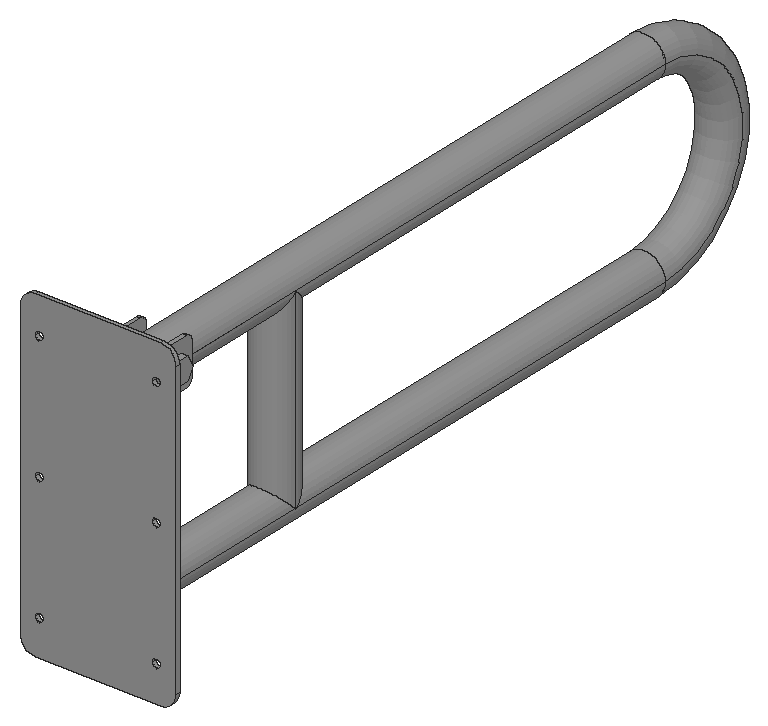
Revit family "Porecz_uchylna_dla_niepelnosprawnych_600 mm stal szlachetna matowa", category Furniture, host Wall, Revit 2019
Family settings
  Host = Wall
  Always vertical = Yes
  Cut with Voids When Loaded = No
  Shared = No
  Room Calculation Point = No
Parameters (values of type "S32UUWC8SNM")
  Width / Szerokosc = 120 mm  # constant formula
  Weight / Waga = "2.6 kg"
  URL = "https://faneco.com/porecz-uchylna-dla-niepelnosprawnych-600-mm-sn-m.html"
  Type Comments = "Poręcz uchylna dla niepełnosprawnych 600 mm stal szlachetna matowa"
  Product code / Kod produktu = "S32UUWC6SNM"
  Model = ""
  Material finish / Wykonczenie = "Stal nierdzewna AISI 316"
  Material = Stal nierdzewna AISI 316
  Manufacturer code / Kod producenta = "5901764294924"
  Manufacturer = "FANECO.com"
  Height / Wysokosc = 250 mm  # constant formula
  Description = "Poręcz uchylna dla niepełnosprawnych o długości 60 cm wyprodukowana jest ze stali nierdzewnej o matowym wykończeniu. To prosty w montażu i łatwy w czyszczeniu oraz konserwacji pochwyt łazienkowy, mocowany w toaletach publicznych, z których korzystają osoby z problemami ruchowymi. Głównym zadaniem poręczy jest ich asekuracja podczas wykonywania wszelkich czynności w toalecie, co zwiększa  bezpieczeństwo i komfort użytkowników. Odchylany do góry uchwyt wyposażony jest w progresywny system hamulcowy, który zabezpiecza go przed nagłym opadnięciem. Stalowy pochwyt polecany jest do szpitali, szkół, hoteli, domów opieki oraz sanatoriów."
  Depth / Glebokosc = 600 mm  # constant formula
Reference planes
  plane 1 "Wall": y = 0
  plane 2 "Center (Left/Right)": x = 125
  plane 3 "Back": y = 75
Text (mm)
  text "Placement Side" at (-1848.837, 1116.779, 0), in view "Ref. Level"
  text "Placement side" at (0, 1409.804, 2854.306), in view "Left"
  text "Placement side" at (0, 499.811, 2980.732), in view "Right"
Dimensions and locks
  locked: plane 3 "Back" to host wall
  aligned and locked: plane 1 "Wall" to host wall
Nested families
  nested 1: "Low_detail" at (125, 75, 1125) x (-1, 0, 0) z (0, 1, 0), Material <- "Material", type "Low_detail", detail levels coarse
    with W 250 mm, S 120 mm, Material Stal nierdzewna AISI 316, G 600 mm
  nested 2: "SNM_medium_60cm" at (125, 75, 1000) x (-1, 0, 0) z (0, 1, 0), type "SNM_medium_60cm", detail levels medium+fine
Definition of nested family "Low_detail"
  Parameters
    W [instance] = 721.812 mm
    S [instance] = 880 mm
    Material [instance] = none
    G [instance] = 250 mm
    Default Elevation = 1219.2 mm
  Reference planes
    plane 1 "Center (Front/Back)": y = 0
    plane 2: z = 0
    plane 3 "Center (Left/Right)": x = 0
    plane 4: x = -440
    plane 5: x = 440
    plane 6: y = 360.906
    plane 7: y = -360.906
  Forms (mm)
    Extrusion 1, solid
      sketch origin (0, 0, 0) x (1, 0, 0) y (0, 1, 0)
        loop
          line (-1219.2, 1219.2) -> (-1219.2, -1219.2) -> (1219.2, -1219.2) -> (1219.2, 1219.2) -> (-1219.2, 1219.2)
      from 0 to -304.8
    Extrusion 2, solid, material <- "Material"
      sketch origin (0, 0, 0) x (1, 0, 0) y (0, 1, 0)
        loop
          line (-440, 360.906) -> (-440, -360.906) -> (440, -360.906) -> (440, 360.906) -> (-440, 360.906)
      from 0 to 250 <- "G"
  Dimensions and locks
    equal spacing: plane 4, plane 3 "Center (Left/Right)", plane 5
    "S": plane 4 to plane 5
    equal spacing: plane 6, plane 1 "Center (Front/Back)", plane 7
    "W": plane 6 to plane 7
    aligned and locked: plane 2 to Extrusion 1
    aligned and locked: level to Extrusion 1
    aligned and locked: Extrusion 2 sketch curve to plane 6
    aligned and locked: plane 4 to Extrusion 2 sketch curve
    aligned and locked: plane 7 to Extrusion 2 sketch curve
    aligned and locked: Extrusion 2 sketch curve to plane 5
  Automatic sketch dimensions
    Extrusion 1 sketch curve to Extrusion 1 sketch curve = 2438.4 mm  (x2)
Definition of nested family "SNM_medium_60cm"
  Parameters (values of type "SNM_medium_60cm")
    Material = none
    Default Elevation = 1219.2 mm
  Reference planes
    plane 1 "Center (Front/Back)": y = 0
    plane 2: z = 0
    plane 3 "Center (Left/Right)": x = 0
  Forms (mm)
    Extrusion 1, solid
      sketch origin (0, 0, 0) x (1, 0, 0) y (0, 1, 0)
        loop
          line (-1219.2, 1219.2) -> (-1219.2, -1219.2) -> (1219.2, -1219.2) -> (1219.2, 1219.2) -> (-1219.2, 1219.2)
      from 0 to -304.8
    Extrusion 2, solid, material <- "Material"
      sketch origin (0, 0, 0) x (1, 0, 0) y (0, 1, 0)
        loop
          line (48, 250) -> (-48, 250)
          arc (-48, 250) -> (-56.485, 246.485) -> (-60, 238) r 12
          line (-60, 238) -> (-60, 12)
          arc (-60, 12) -> (-56.485, 3.515) -> (-48, 0) r 12
          line (-48, 0) -> (48, 0)
          arc (48, 0) -> (56.485, 3.515) -> (60, 12) r 12
          line (60, 12) -> (60, 238)
          arc (60, 238) -> (56.485, 246.485) -> (48, 250) r 12
        loop
          circle (-44.997, 221.966) r 3.2
        loop
          circle (45.003, 221.966) r 3.2
        loop
          circle (45.003, 124.993) r 3.2
        loop
          circle (45.003, 27.945) r 3.2
        loop
          circle (-44.997, 27.945) r 3.2
        loop
          circle (-44.997, 124.983) r 3.2
      from 0 to 3
    Extrusion 3, solid, material <- "Material"
      sketch origin (0, 0, 0) x (0, 1, 0) y (0, 0, 1)
        loop
          line (218, 3) -> (218, 61)
          arc (218, 61) -> (216.536, 64.536) -> (213, 66) r 5
          line (213, 66) -> (187, 66)
          arc (187, 66) -> (183.464, 64.536) -> (182, 61) r 5
          line (182, 61) -> (182, 3) -> (218, 3)
      from 16 to 19
    Extrusion 4, solid, material <- "Material"
      sketch origin (0, 0, 0) x (0, 1, 0) y (0, 0, -1)
        loop
          line (218, -3) -> (182, -3) -> (182, -61)
          arc (182, -61) -> (183.464, -64.536) -> (187, -66) r 5
          line (187, -66) -> (213, -66)
          arc (213, -66) -> (216.536, -64.536) -> (218, -61) r 5
          line (218, -61) -> (218, -3)
      from 16 to 19
    Extrusion 5, solid, material <- "Material"
      sketch origin (0, 0, 0) x (0, 1, 0) y (0, 0, 1)
        loop
          line (208.66, 45) -> (208.66, 55) -> (200, 60) -> (191.34, 55) -> (191.34, 45) -> (200, 40) -> (208.66, 45)
      from 19 to 27
    Extrusion 6, solid, material <- "Material"
      sketch origin (0, 0, 0) x (0, 1, 0) y (0, 0, -1)
        loop
          line (208.66, -45) -> (200, -40) -> (191.34, -45) -> (191.34, -55) -> (200, -60) -> (208.66, -55) -> (208.66, -45)
      from 19 to 25
    Sweep 7, solid, material <- "Material"
      path in 3D
        loop
          line (0, 200, 3) -> (0, 200, 525.004)
          arc (0, 200, 525.004) -> (0, 125, 600.004) -> (0, 50, 525.004) r 75
          line (0, 50, 525.004) -> (0, 50, 3)
      profile origin (0, 200, 264.002) x (0, -1, 0) y (1, 0, 0)
        loop
          circle (0, 0) r 16
    Sweep 8, solid, material <- "Material"
      path in 3D
        loop
          line (0, 200, 169.75) -> (0, 50, 169.75)
      profile origin (0, 125, 169.75) x (0, 0, -1) y (1, 0, 0)
        loop
          circle (0, 0) r 16
  Cuts and joins
    joined: Sweep 7, Sweep 8
  Lines and regions (mm)
    reference lines
      curve 1: line (0, 200, 3) -> (0, 200, 525.004)
      curve 2: line (0, 50, 3) -> (0, 50, 525.004)
      curve 3: arc (0, 200, 525.004) -> (0, 125, 600.004) -> (0, 50, 525.004) r 75
      curve 7: line (0, 200, 169.75) -> (0, 50, 169.75)
    sketch lines
      curve 4: line (0, 200, 3) -> (0, 200, 525.004)
      curve 5: arc (0, 200, 525.004) -> (0, 125, 600.004) -> (0, 50, 525.004) r 75
      curve 6: line (0, 50, 3) -> (0, 50, 525.004)
      curve 8: line (0, 200, 169.75) -> (0, 50, 169.75)
  Dimensions and locks
    aligned and locked: plane 2 to Extrusion 1
    aligned and locked: level to Extrusion 1
